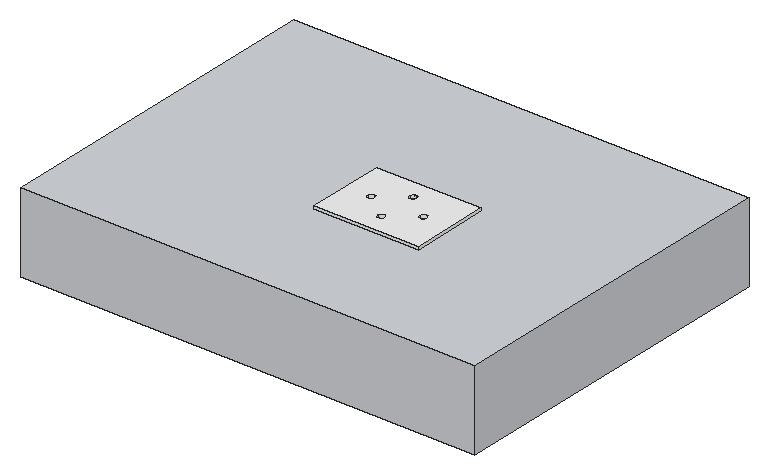
Revit family
Parameters (values of type "10mm")
  폭 [instance] = 300 mm
  두께 = 10 mm
  강판 재료 = 금속 - 스틸 - 345 MPa
  길이 [instance] = 400 mm
  수직 구멍 간격두기 [instance] = 150 mm
  수평 구멍 간격두기 [instance] = 200 mm
  구멍 반지름 = 구멍 지름 / 2  # 13.5 mm
  구멍 지름 = 27 mm
  Default Elevation = 1200 mm
Types (7, lengths in mm): name | 두께
  (no name) | 10
  5mm | 5
  10mm | 10
  20mm | 20
  15mm | 15
  25mm | 25
  30mm | 30
Reference planes
  plane 1 "중심(앞/뒤)": y = 0
  plane 2: z = 0
  plane 3 "중심(왼쪽/오른쪽)": x = 0
  plane 4: x = -200
  plane 5: x = 200
  plane 6: y = 150
  plane 7: y = -150
  plane 8: y = 75
  plane 9: y = -75
  plane 10: x = -100
  plane 11: x = 100
  plane 12: z = 10
  plane 13: y = 75
  plane 14: y = -75
  plane 15: x = -100
  plane 16: x = 100
Forms (mm)
  Extrusion 1, solid
    sketch origin (0, 0, 0) x (1, 0, 0) y (0, 1, 0)
      loop
        line (-965.2, 711.2) -> (-965.2, -597.395) -> (773.882, -597.395) -> (773.882, 711.2) -> (-965.2, 711.2)
    from 0 to -304.8
  Extrusion 2, solid, material "금속 - 스틸 - 345 MPa" <- "강판 재료"
    sketch origin (0, 0, 0) x (1, 0, 0) y (0, 1, 0)
      loop
        line (-200, 150) -> (-200, -150) -> (200, -150) -> (200, 150) -> (-200, 150)
    from 0 to 10
  Extrusion 3, void
    sketch origin (0, 0, 0) x (1, 0, 0) y (0, 1, 0)
      loop
        circle (-100, 0) r 13.5
      loop
        circle (100, 0) r 13.5
      loop
        circle (0, -75) r 13.5
      loop
        circle (0, 75) r 13.5
    from 0 to 10
Cuts and joins
  Extrusion 3 cuts Extrusion 2
Dimensions and locks
  "길이": plane 4 to plane 5
  equal spacing: plane 4, plane 3 "중심(왼쪽/오른쪽)", plane 5
  equal spacing: plane 7, plane 1 "중심(앞/뒤)", plane 6
  "폭": plane 7 to plane 6
  equal spacing: plane 9, plane 1 "중심(앞/뒤)", plane 8
  "수직 구멍 간격두기": plane 9 to plane 8
  equal spacing: plane 10, plane 3 "중심(왼쪽/오른쪽)", plane 11
  "수평 구멍 간격두기": plane 10 to plane 11
  "두께": plane 12 to plane 2
  "구멍 반지름": radius of Extrusion 3 sketch curve  (x4)
  aligned and locked: plane 2 to Extrusion 1
  aligned and locked: level to Extrusion 1
  aligned and locked: plane 4 to Extrusion 2 sketch curve
  aligned and locked: Extrusion 2 sketch curve to plane 6
  aligned and locked: plane 7 to Extrusion 2 sketch curve
  aligned and locked: plane 5 to Extrusion 2 sketch curve
  aligned and locked: plane 12 to Extrusion 2
  aligned and locked: Extrusion 2 to level
  aligned and locked: Extrusion 2 to Extrusion 3
  aligned and locked: Extrusion 3 to level
  aligned and locked: plane 10 to Extrusion 3 sketch curve
  aligned and locked: plane 1 "중심(앞/뒤)" to Extrusion 3 sketch curve  (x2)
  aligned and locked: plane 11 to Extrusion 3 sketch curve
  aligned and locked: plane 3 "중심(왼쪽/오른쪽)" to Extrusion 3 sketch curve  (x2)
  aligned and locked: plane 9 to Extrusion 3 sketch curve
  aligned and locked: plane 8 to Extrusion 3 sketch curve
  aligned and locked: plane 8 to plane 13
  aligned and locked: plane 14 to plane 9
  aligned and locked: plane 10 to plane 15
  aligned and locked: plane 16 to plane 11
Automatic sketch dimensions
  Extrusion 1 sketch curve to Extrusion 1 sketch curve = 1739.082 mm
  Extrusion 1 sketch curve to Extrusion 1 sketch curve = 1308.595 mm
